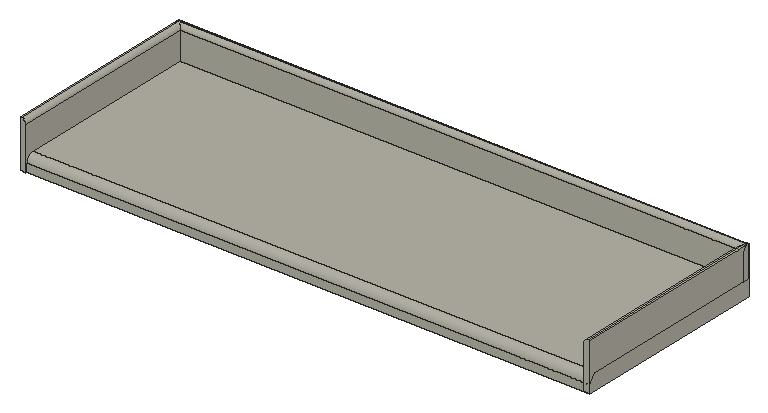
Revit family "Countertop_noSink", category Casework, Revit 2026
Family settings
  Classification Number = 23.40.70.17.21.11
  Work Plane-Based = No
  Always vertical = Yes
  Cut with Voids When Loaded = No
  Shared = No
  Room Calculation Point = No
Parameters (values of type "Counter w/ Back-Sides")
  Width = 6' - 0"
  Warranty Duration (Years) = 15
  Test Data = ""
  Surface Thickness = 0' - 2"
  Surface Area = Width * Counter Depth  # 12.50 SF
  Sqft Cost = 71
  Specification = "http://www.arcat.com/divs/sec/sec06415.shtml"
  Sidesplash - R [instance] = yes
  Sidesplash - L [instance] = yes
  Sales Information = ""
  Product Properties = "http://www.arcat.com/bim/bim_info.pl?fn=Countertop_noSink"
  Product Data = "http://www.arcat.com/divs/sec/sec06415.shtml"
  Model = "Generic"  # constant formula
  Manufacturer Website = "http://www.arcat.com/"
  Manufacturer Phone - Toll Free = ""
  Manufacturer Phone = "(203) 929-9444"  # constant formula
  Manufacturer Fax = "(203) 939-2444"  # constant formula
  Manufacturer Email = "bim@arcat.com"  # constant formula
  Manufacturer Address = "1077 Bridgeport Ave, Shelton, CT  06484"  # constant formula
  Manufacturer = "Generic"  # constant formula
  Maintenance Schedule (Months) = 12
  Keynote = "06415"
  Installation_Fabricaton = ""
  Installation Phase = ""
  Finish Surface Height [instance] = 3' - 0"
  Green Building-LEED = "http://www.arcat.com/green/green_building.shtml"
  Expected Lifespan (Years) = 30
  Edge Type = Bevel : 1/2"
  Edge Length = Width  # 6' - 0"
  Edge Cost_per Inch = 1
  Drawn By = "Robert S. Weygant. CSI, CDT, SCIP"  # constant formula
  Description = "Linear Countertop"  # constant formula
  Default Elevation = 0' - 0"
  Counter Depth = 2' - 1"
  Countertop Material = Counter Material - Granite
  Countertop Color = Counter Finish - Custom Color
  Cost = (Sqft Cost * Surface Area / 1.00 SF) + (Edge Cost_per Inch * Edge Length / 0' 1")  # 959.5
  Copyright = "2008, ARCAT, Inc."  # constant formula
  Construction Details = "http://www.arcat.com/divs/sec/sec06415.shtml"
  Building Codes = ""
  Backsplash Height = 0' - 4"
  Backsplash = yes
  Assembly Code = "C1030400"
Types (3): name | Sidesplash - R | Sidesplash - L | Backsplash
  Counter_Only | no | no | no
  Counter_ w/Back | no | no | yes
  Counter w/ Back-Sides | yes | yes | yes
Reference planes (in)
  plane 1 "Center (Front/Back)": y = -35.5
  plane 2: z = 0
  plane 3 "Center (Left/Right)": x = 0
  plane 4: x = -36
  plane 5: x = 36
  plane 6: y = -48
  plane 7: y = -23
  plane 8 "Surface Height": z = 36
  plane 9: y = 0
  plane 10: x = -36
  plane 11: z = 34
Forms (in)
  Extrusion 1, solid, material "Counter Finish - Custom Color" <- "Countertop Color"
    sketch origin (0, 0, 0) x (1, 0, 0) y (0, 1, 0)
      loop
        line (-36, -23) -> (-36, -48) -> (36, -48) -> (36, -23) -> (-36, -23)
    from 34 to 36
  Extrusion 2, solid, not visible
    sketch origin (-23.60937, 0, 29) x (1, 0, 0) y (0, 1, 0)
      loop
        arc (-6.25, 8) -> (-7.48744, 7.48744) -> (-8, 6.25) r 1.75
        line (-8, 6.25) -> (-8, -6.25)
        arc (-8, -6.25) -> (-7.48744, -7.48744) -> (-6.25, -8) r 1.75
        line (-6.25, -8) -> (6.25, -8)
        arc (6.25, -8) -> (7.48744, -7.48744) -> (8, -6.25) r 1.75
        line (8, -6.25) -> (8, 6.25)
        arc (8, 6.25) -> (7.48744, 7.48744) -> (6.25, 8) r 1.75
        line (6.25, 8) -> (-6.25, 8)
      loop
        arc (-6.25, 7.5) -> (-7.13388, 7.13388) -> (-7.5, 6.25) r 1.25
        line (-7.5, 6.25) -> (-7.5, -6.25)
        arc (-7.5, -6.25) -> (-7.13388, -7.13388) -> (-6.25, -7.5) r 1.25
        line (-6.25, -7.5) -> (6.25, -7.5)
        arc (6.25, -7.5) -> (7.13388, -7.13388) -> (7.5, -6.25) r 1.25
        line (7.5, -6.25) -> (7.5, 6.25)
        arc (7.5, 6.25) -> (7.13388, 7.13388) -> (6.25, 7.5) r 1.25
        line (6.25, 7.5) -> (-6.25, 7.5)
    from 0 to 7
  Extrusion 3, solid, not visible
    sketch origin (-23.60937, 0, 36) x (1, 0, 0) y (0, 1, 0)
      loop
        arc (-9.5, 10) -> (-9.85355, 9.85355) -> (-10, 9.5) r 0.5
        line (-10, 9.5) -> (-10, -9.5)
        arc (-10, -9.5) -> (-9.85355, -9.85355) -> (-9.5, -10) r 0.5
        line (-9.5, -10) -> (9.5, -10)
        arc (9.5, -10) -> (9.85355, -9.85355) -> (10, -9.5) r 0.5
        line (10, -9.5) -> (10, 9.5)
        arc (10, 9.5) -> (9.85355, 9.85355) -> (9.5, 10) r 0.5
        line (9.5, 10) -> (-9.5, 10)
      loop
        line (-7.5, 6.25) -> (-7.5, -6.25)
        arc (-7.5, -6.25) -> (-7.13388, -7.13388) -> (-6.25, -7.5) r 1.25
        line (-6.25, -7.5) -> (6.25, -7.5)
        arc (6.25, -7.5) -> (7.13388, -7.13388) -> (7.5, -6.25) r 1.25
        line (7.5, -6.25) -> (7.5, 6.25)
        arc (7.5, 6.25) -> (7.13388, 7.13388) -> (6.25, 7.5) r 1.25
        line (6.25, 7.5) -> (-6.25, 7.5)
        arc (-6.25, 7.5) -> (-7.13388, 7.13388) -> (-7.5, 6.25) r 1.25
    from 0 to 0.25
  Extrusion 4, solid, material "Counter Finish - Custom Color" <- "Countertop Color", visible <- "Sidesplash - L"
    sketch origin (0, -35.5, 0) x (1, 0, 0) y (0, 0, 1)
      loop
        line (-36, 34) -> (-35.25, 34) -> (-35.25, 39.42212)
        arc (-35.25, 39.42212) -> (-35.41926, 39.83074) -> (-35.82788, 40) r 0.57788
        line (-35.82788, 40) -> (-36, 40) -> (-36, 34)
    from -12.5 to 12.5
  Extrusion 5, solid, material "Counter Finish - Custom Color" <- "Countertop Color", visible <- "Backsplash"
    sketch origin (12, 12, 0) x (0, -1, 0) y (0, 0, 1)
      loop
        line (35, 36) -> (35.75, 36) -> (35.75, 39.42212)
        arc (35.75, 39.42212) -> (35.58074, 39.83074) -> (35.17212, 40) r 0.57788
        line (35.17212, 40) -> (35, 40) -> (35, 36)
    from -24 to 48
  Sweep 6, solid, material "Counter Finish - Custom Color" <- "Countertop Color", visible <- "Sidesplash - R"
    path in 3D
      loop
        line (36, -48, 36) -> (36, -23, 36)
    profile origin (36, -35.5, 36) x (-1, 0, 0) y (0, 0, 1)
      loop
        line (0, -2) -> (0.75, -2) -> (0.75, 3.42212)
        arc (0.75, 3.42212) -> (0.58074, 3.83074) -> (0.17212, 4) r 0.57788
        line (0.17212, 4) -> (0, 4) -> (0, -2)
  Sweep 7, void
    path in 3D
      loop
        line (-36, -48, 36) -> (36, -48, 36)
    profile "Roundover : 1"" origin (0, -48, 36) x (0, 1, 0) y (0, 0, 1)
      loop
        arc (0, -1) -> (0.29289, -0.29289) -> (1, 0) r 1
        line (1, 0) -> (0, 0) -> (0, -1)
Cuts and joins
  Sweep 7 cuts Extrusion 1
Lines and regions (in)
  sketch lines
    curve 1: line (36, -48, 36) -> (36, -23, 36)
    curve 2: line (-36, -48, 36) -> (36, -48, 36)
Dimensions and locks (in)
  "Width": plane 4 to plane 5
  "Counter Depth": plane 7 to plane 6
  equal spacing: plane 7, plane 1 "Center (Front/Back)", plane 6
  "Counter Depth": plane 7 to Extrusion 1
  "Backsplash Height": Extrusion 5 sketch curve to Extrusion 5 sketch curve
  "Finish Surface Height": plane 8 "Surface Height" to level
  "Surface Thickness": plane 8 "Surface Height" to plane 11
  "Backsplash Height": Extrusion 4 sketch curve to Extrusion 5
  "Backsplash Height": Sweep 6 sketch curve to Extrusion 5
  aligned and locked: plane 4 to Extrusion 4
  aligned and locked: plane 7 to Extrusion 5
  aligned and locked: plane 5 to Extrusion 5
  aligned and locked: plane 4 to Extrusion 5
  aligned and locked: plane 7 to Extrusion 4
  aligned and locked: Extrusion 4 to plane 6
  aligned and locked: plane 8 "Surface Height" to Extrusion 1
  aligned and locked: plane 11 to cut or joined group of Extrusion 1, Sweep 7
  aligned and locked: Extrusion 4 sketch curve to cut or joined group of Extrusion 1, Sweep 7
  aligned and locked: Sweep 6 sketch curve to cut or joined group of Extrusion 1, Sweep 7
Automatic sketch dimensions
  Extrusion 2 sketch curve to Extrusion 2 sketch curve = 0' - 0"  (x15)
  Extrusion 2 sketch curve to Extrusion 2 sketch curve = 0' - 0 1/2"
  Extrusion 2 sketch curve to Extrusion 2 sketch curve = 0' - 1 1/4"  (x3)
  Extrusion 2 sketch curve to Extrusion 2 sketch curve = 1' - 0 1/2"  (x3)
  Extrusion 3 sketch curve to Extrusion 3 sketch curve = 0' - 0 1/2"  (x3)
  Extrusion 3 sketch curve to Extrusion 3 sketch curve = 0' - 2"
  Extrusion 3 sketch curve to Extrusion 3 sketch curve = 0' - 1 1/4"  (x3)
  Extrusion 3 sketch curve to Extrusion 3 sketch curve = 1' - 0 1/2"  (x3)
  Extrusion 3 sketch curve to Extrusion 3 sketch curve = 0' - 3 1/4"  (x4)
  Extrusion 1 sketch curve to plane 5 = 0' - 0"
  Extrusion 1 sketch curve to plane 7 = 0' - 0"
  Extrusion 4 sketch curve to plane 4 = 0' - 0"
  Extrusion 4 sketch curve to Extrusion 4 sketch curve = 0' - 0.17212"
  Extrusion 4 sketch curve to Extrusion 4 sketch curve = 0' - 0.57788"
  Extrusion 5 sketch curve to plane 7 = 0' - 0"
  Extrusion 5 sketch curve to plane 8 "Surface Height" = 0' - 0"
  Extrusion 5 sketch curve to Extrusion 5 sketch curve = 0' - 0.17212"
  Extrusion 5 sketch curve to Extrusion 5 sketch curve = 0' - 0.57788"
  Sweep 6 sketch curve to Sweep 6 sketch curve = 0' - 0.57788"
  profile plane to Sweep 6 sketch curve = 0' - 0"
  Sweep 6 sketch curve to Sweep 6 sketch curve = 0' - 0.17212"
  Extrusion 1 sketch curve to plane 4 = 0' - 0"
  Extrusion 1 sketch curve to plane 6 = 0' - 0"
